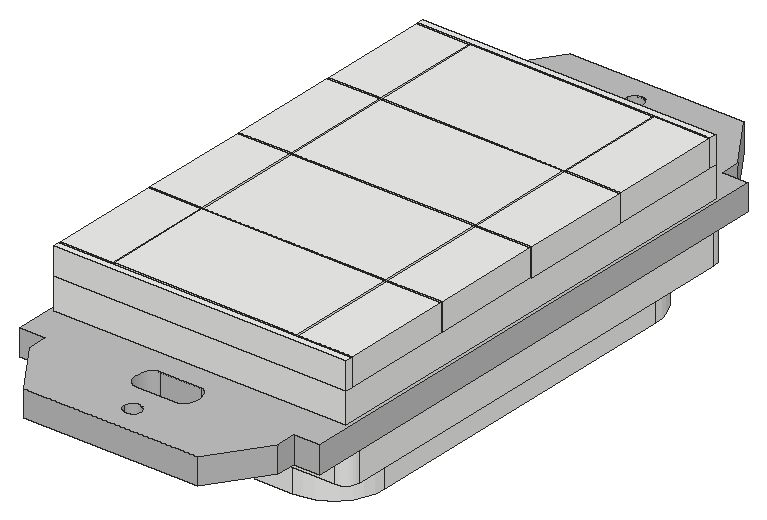
Revit family "Electronics_Control-Pads_Biamp_Impera_Echo-8-Button____", category Communication Devices, host Face, Revit 2020
Family settings
  Host = Face
  Maintain Annotation Orientation = No
  Round Connector Dimension = Use Diameter
  Part Type = Normal
  OmniClass Number = 23.85.10.17.11
  OmniClass Title = Audio-Visual System Components
  Cut with Voids When Loaded = Yes
  Shared = No
  Room Calculation Point = No
Parameters (values of type "Echo 8USW")
  not_US = not(US)  # no
  Width = 1.80"
  Weight = 0.20 lbf  # constant formula
  Voltage = 12 V
  Void Depth = if(US, 0.56", 0.16")  # 0.56"
  US = yes
  URL = "https://www.biamp.com/"
  Temperature Range = "32 - 104° F (0 – 40° C)"  # constant formula
  Stop Bits = "1, 1.5, 2"  # constant formula
  Sense Low = "< 1 VDC"  # constant formula
  Sense High = "> 4 VDC"  # constant formula
  Product data url = "https://www.bimobject.com/biamp/product/impera-echo_control-pad"
  Product Page URL = "https://www.biamp.com/products/product-families/impera/control-pads#impera-echo"
  Product Documentation Link = "https://downloads.biamp.com/assets/docs/default-source/data-sheets/biamp_data_sheet_impera_echo_jan22.pdf"
  Power Factor = 1
  Parity = "Even, Odd, None"  # constant formula
  Output Type = "Open drain"  # constant formula
  Number of Ports RS-232 / IR = "1 (bidirectional), 1 (undirectional)"  # constant formula
  Number of Poles = 1
  Number of Devices Supported Expansion Bus = "2"  # constant formula
  Model = "Impera Echo"  # constant formula
  Max Voltage = "24 VDC"  # constant formula
  Max Power Consumption = 5 W
  Max Current = "0.5 A"  # constant formula
  Manufacturer = "Biamp"  # constant formula
  LED Indicators = "Multi-color"  # constant formula
  KeyPad Height = if(US, 2.76", Height)  # 2.76"
  IR Frequency Range = "381 Hz to 500 kHz"  # constant formula
  I/O Quantity = "3"  # constant formula
  Humidity = "10-90% relative humidity (non-condensing)"  # constant formula
  Housing Material = Biamp - Plastic - White
  Height = 4.10"
  Description = "Impera™ Echo 8-Button Control Pad"  # constant formula
  Depth = 0.90"
  Default Elevation = 48.00"
  Data Bits = "7, 8"  # constant formula
  Connector Description = "12V DC 5W"  # constant formula
  Compliance = "CE Marked (Europe), RoHS Directive (Europe)"  # constant formula
  Button Type = "Mechanical"  # constant formula
  Button Quantity = "8"  # constant formula
  Baud Rate = "1200 – 115200 bit/sec"  # constant formula
  Assembly Code = ""
  Apparent Load = Max Power Consumption / Power Factor  # 5 VA
  Altitude = "0-6,600 ft (0-2000m) MSL"  # constant formula
Types (5): name | not_US | Width | Void Depth | US | KeyPad Height | Housing Material | Height | Depth
  Echo 8USW | no | 1.80" | 0.56" | yes | 2.76" | Biamp - Plastic - White | 4.10" | 0.90"
  Echo 8DKB | yes | 2.80" | 0.16" | no | 1.80" | Biamp - Plastic - Black | 1.80" | 0.70"
  Echo 8DKW | yes | 2.80" | 0.16" | no | 1.80" | Biamp - Plastic - White | 1.80" | 0.70"
  Echo 8EUW | yes | 2.20" | 0.16" | no | 2.20" | Biamp - Plastic - White | 2.20" | 0.70"
  Echo 8EUB | yes | 2.20" | 0.16" | no | 2.20" | Biamp - Plastic - Black | 2.20" | 0.70"
Reference planes (in)
  plane 1 "Center (Front/Back)": y = 0
  plane 2 "Bottom": z = 0
  plane 3 "Center (Left/Right)": x = 0
  plane 4: x = 0.9
  plane 5: x = -0.9
  plane 6 "Back": y = 2.05
  plane 7 "Front": y = -2.05
  plane 8 "Top": z = 0.50615
  plane 9: z = 0.003
  plane 10: z = 0.34411
  plane 11 "1": z = -0.19385
  plane 12: z = 0.16048
  plane 13: y = 1.38
  plane 14: y = -1.38
  plane 15: z = -0.39952
Forms (in)
  Extrusion 1, solid, material "Biamp - Metal - Gray", visible <- "US"
    sketch origin (0, 0, 0) x (1, 0, 0) y (0, 1, 0)
      loop
        line (-0.52182, 2.05) -> (-0.7477, 1.72742) -> (-0.7477, 1.60847) -> (-0.9, 1.60847) -> (-0.9, -1.60847) -> (-0.7477, -1.60847) -> (-0.7477, -1.72742) -> (-0.52182, -2.05) -> (0.52182, -2.05) -> (0.7477, -1.72742) -> (0.7477, -1.60847) -> (0.9, -1.60847) -> (0.9, 1.60847) -> (0.7477, 1.60847) -> (0.7477, 1.72742) -> (0.52182, 2.05) -> (-0.52182, 2.05)
      loop
        spline (-0.12276, -1.52644) -> (-0.13926, -1.52963) -> (-0.15464, -1.53898) -> (-0.16785, -1.55385) -> (-0.17799, -1.57322) -> (-0.18436, -1.59579) -> (-0.18653, -1.62) -> (-0.18436, -1.64421) -> (-0.17799, -1.66678) -> (-0.16785, -1.68615) -> (-0.15464, -1.70102) -> (-0.13926, -1.71037) -> (-0.12276, -1.71355)
        line (-0.12276, -1.71355) -> (0.12276, -1.71355)
        spline (0.12276, -1.71355) -> (0.13926, -1.71037) -> (0.15464, -1.70102) -> (0.16785, -1.68615) -> (0.17799, -1.66678) -> (0.18436, -1.64421) -> (0.18653, -1.62) -> (0.18436, -1.59579) -> (0.17799, -1.57322) -> (0.16785, -1.55385) -> (0.15464, -1.53898) -> (0.13926, -1.52963) -> (0.12276, -1.52644)
        line (0.12276, -1.52644) -> (-0.12276, -1.52644)
      loop
        circle (0, -1.88618) r 0.05186
      loop
        line (-0.12276, 1.52644) -> (0.12276, 1.52644)
        spline (0.12276, 1.52644) -> (0.13926, 1.52963) -> (0.15464, 1.53898) -> (0.16785, 1.55385) -> (0.17799, 1.57322) -> (0.18436, 1.59579) -> (0.18653, 1.62) -> (0.18436, 1.64421) -> (0.17799, 1.66678) -> (0.16785, 1.68615) -> (0.15464, 1.70102) -> (0.13926, 1.71037) -> (0.12276, 1.71355)
        line (0.12276, 1.71355) -> (-0.12276, 1.71355)
        spline (-0.12276, 1.71355) -> (-0.13926, 1.71037) -> (-0.15464, 1.70102) -> (-0.16785, 1.68615) -> (-0.17799, 1.66678) -> (-0.18436, 1.64421) -> (-0.18653, 1.62) -> (-0.18436, 1.59579) -> (-0.17799, 1.57322) -> (-0.16785, 1.55385) -> (-0.15464, 1.53898) -> (-0.13926, 1.52963) -> (-0.12276, 1.52644)
      loop
        circle (0, 1.88618) r 0.05186
    from 0.003 to 0.16048
  Extrusion 2, solid, material "Biamp - Plastic - White" <- "Housing Material", visible <- "US"
    sketch origin (0, 0, 0) x (1, 0, 0) y (0, 1, 0)
      loop
        line (-0.79701, -1.36247) -> (0.7951, -1.36247)
        arc (0.7951, -1.36247) -> (0.85356, -1.33825) -> (0.87778, -1.27979) r 0.08268
        line (0.87778, -1.27979) -> (0.87778, 1.3835)
        arc (0.87778, 1.3835) -> (0.85356, 1.44196) -> (0.7951, 1.46617) r 0.08268
        line (0.7951, 1.46617) -> (-0.7966, 1.46617)
        arc (-0.7966, 1.46617) -> (-0.85535, 1.44184) -> (-0.87969, 1.38309) r 0.08309
        line (-0.87969, 1.38309) -> (-0.87969, -1.27979)
        arc (-0.87969, -1.27979) -> (-0.85547, -1.33825) -> (-0.79701, -1.36247) r 0.08268
    from -0.19385 to 0.003
  Extrusion 3, solid, material "Biamp - Plastic - White" <- "Housing Material", visible <- "US", detail levels medium+fine
    sketch origin (0, 0, -0.19385) x (-1, 0, 0) y (0, -1, 0)
      loop
        arc (0.47093, -1.36643) -> (0.6878, -1.2766) -> (0.77763, -1.05973) r 0.3067
        line (0.77763, -1.05973) -> (0.77763, 0.97298)
        arc (0.77763, 0.97298) -> (0.68789, 1.18964) -> (0.47123, 1.27938) r 0.3064
        line (0.47123, 1.27938) -> (0.28374, 1.27938) -> (0.28374, 1.21541) -> (0.18911, 1.21541) -> (0.18911, 1.27977) -> (0.05711, 1.27977) -> (0.05711, 1.2158) -> (-0.01923, 1.2158) -> (-0.01923, 1.27977) -> (-0.15457, 1.27977) -> (-0.15457, 1.2158) -> (-0.24808, 1.2158) -> (-0.24808, 1.27977) -> (-0.47833, 1.27977)
        arc (-0.47833, 1.27977) -> (-0.69453, 1.19021) -> (-0.78409, 0.974) r 0.30576
        line (-0.78409, 0.974) -> (-0.78409, -1.05973)
        arc (-0.78409, -1.05973) -> (-0.69415, -1.27688) -> (-0.477, -1.36682) r 0.30709
        line (-0.477, -1.36682) -> (-0.28811, -1.36682) -> (-0.28811, -1.30856) -> (-0.19508, -1.30856) -> (-0.19508, -1.36643) -> (-0.06108, -1.36643) -> (-0.06108, -1.30817) -> (0.01923, -1.30817) -> (0.01923, -1.36643) -> (0.15263, -1.36643) -> (0.15263, -1.30817) -> (0.23963, -1.30817) -> (0.23963, -1.36643) -> (0.47093, -1.36643)
      loop
        line (0.59775, -1.0042) -> (0.34604, -1.0042) -> (0.34604, -1.14803) -> (0.59775, -1.14803) -> (0.59775, -1.0042)
      loop
        line (0.59775, -0.98093) -> (0.59775, -0.82652) -> (0.34604, -0.82652) -> (0.34604, -0.98093) -> (0.59775, -0.98093)
      loop
        line (0.59775, -0.79384) -> (0.59775, -0.63251) -> (0.34604, -0.63251) -> (0.34604, -0.79384) -> (0.59775, -0.79384)
      loop
        line (0.59775, -0.61443) -> (0.59775, -0.47118) -> (0.34604, -0.47118) -> (0.34604, -0.61443) -> (0.59775, -0.61443)
      loop
        line (0.59775, -0.44476) -> (0.59775, -0.29177) -> (0.34604, -0.29177) -> (0.34604, -0.44476) -> (0.59775, -0.44476)
      loop
        line (0.59775, -0.26173) -> (0.59775, -0.10925) -> (0.34604, -0.10925) -> (0.34604, -0.26173) -> (0.59775, -0.26173)
      loop
        line (0.59775, -0.08796) -> (0.59775, 0.06749) -> (0.34604, 0.06749) -> (0.34604, -0.08796) -> (0.59775, -0.08796)
      loop
        line (-0.35889, -1.14803) -> (-0.35889, -1.0042) -> (-0.61271, -1.0042) -> (-0.61271, -1.14803) -> (-0.35889, -1.14803)
      loop
        line (-0.35889, -0.98093) -> (-0.35889, -0.82652) -> (-0.61271, -0.82652) -> (-0.61271, -0.98093) -> (-0.35889, -0.98093)
      loop
        line (-0.35889, -0.79384) -> (-0.35889, -0.66927) -> (-0.61271, -0.66927) -> (-0.61271, -0.79384) -> (-0.35889, -0.79384)
      loop
        line (-0.35889, -0.63251) -> (-0.35889, -0.49794) -> (-0.61271, -0.49794) -> (-0.61271, -0.63251) -> (-0.35889, -0.63251)
      loop
        line (-0.35889, -0.47118) -> (-0.35889, -0.30969) -> (-0.61271, -0.30969) -> (-0.61271, -0.47118) -> (-0.35889, -0.47118)
      loop
        line (-0.35889, -0.26173) -> (-0.35889, -0.14048) -> (-0.61271, -0.14048) -> (-0.61271, -0.26173) -> (-0.35889, -0.26173)
      loop
        line (-0.35889, -0.12721) -> (-0.35889, 0.00684) -> (-0.61271, 0.00684) -> (-0.61271, -0.12721) -> (-0.35889, -0.12721)
      loop
        line (-0.35889, 0.02065) -> (-0.35889, 0.1792) -> (-0.61271, 0.1792) -> (-0.61271, 0.02065) -> (-0.35889, 0.02065)
    from -0.2 to 0
  Extrusion 4, solid, material "Biamp - Plastic - White" <- "Housing Material", detail levels medium+fine
    sketch origin (0, 0, 0) x (1, 0, 0) y (0, 1, 0)
      loop
        line (-0.87969, 1.39427) -> (-0.87969, -1.38) -> (0.87778, -1.38) -> (0.87778, 1.39427) -> (-0.87969, 1.39427)
    from 0.16048 to 0.34411
  Extrusion 5, solid, material "Biamp - Plastic - White" <- "Housing Material", detail levels medium+fine
    sketch origin (0, 0, 0.50615) x (1, 0, 0) y (0, 1, 0)
      loop
        line (-0.87969, 1.39427) -> (-0.87969, 1.35427) -> (0.87778, 1.35427) -> (0.87778, 1.39427) -> (-0.87969, 1.39427)
      loop
        line (-0.87969, -1.38) -> (0.87778, -1.38) -> (0.87778, -1.34) -> (-0.87969, -1.34) -> (-0.87969, -1.38)
      loop
        line (0.87778, -1.32831) -> (0.87778, -0.66837) -> (0.55082, -0.66837) -> (0.55082, -1.32831) -> (0.87778, -1.32831)
      loop
        line (0.87778, 1.34427) -> (0.55082, 1.34427) -> (0.55082, 0.68417) -> (0.87778, 0.68417) -> (0.87778, 1.34427)
      loop
        line (-0.87969, 0.68417) -> (-0.56573, 0.68417) -> (-0.56573, 1.34427) -> (-0.87969, 1.34427) -> (-0.87969, 0.68417)
      loop
        line (0.87778, 0.67339) -> (0.55082, 0.67339) -> (0.55082, 0.01334) -> (0.87778, 0.01334) -> (0.87778, 0.67339)
      loop
        line (-0.87969, 0.01334) -> (-0.56573, 0.01334) -> (-0.56573, 0.67339) -> (-0.87969, 0.67339) -> (-0.87969, 0.01334)
      loop
        line (0.87778, 0.00251) -> (0.55082, 0.00251) -> (0.55082, -0.65749) -> (0.87778, -0.65749) -> (0.87778, 0.00251)
      loop
        line (-0.87969, -0.65749) -> (-0.56573, -0.65749) -> (-0.56573, 0.00251) -> (-0.87969, 0.00251) -> (-0.87969, -0.65749)
      loop
        line (-0.55573, -1.32831) -> (0.53942, -1.32831) -> (0.53942, -0.66837) -> (-0.55573, -0.66837) -> (-0.55573, -1.32831)
      loop
        line (0.53942, 1.34427) -> (-0.55573, 1.34427) -> (-0.55573, 0.68417) -> (0.53942, 0.68417) -> (0.53942, 1.34427)
      loop
        line (0.53942, 0.67339) -> (-0.55573, 0.67339) -> (-0.55573, 0.01334) -> (0.53942, 0.01334) -> (0.53942, 0.67339)
      loop
        line (0.53942, 0.00251) -> (-0.55573, 0.00251) -> (-0.55573, -0.65749) -> (0.53942, -0.65749) -> (0.53942, 0.00251)
      loop
        line (-0.56573, -0.66837) -> (-0.87969, -0.66837) -> (-0.87969, -1.32831) -> (-0.56573, -1.32831) -> (-0.56573, -0.66837)
    from -0.16204 to 0
  Extrusion 6, solid, material "Biamp - Plastic - White" <- "Housing Material", visible <- "US", detail levels coarse
    sketch origin (0, 0, -0.19385) x (-1, 0, 0) y (0, -1, 0)
      loop
        line (-0.78409, 0.974) -> (-0.78409, -1.05895)
        arc (-0.78409, -1.05895) -> (-0.69415, -1.27609) -> (-0.477, -1.36604) r 0.30709
        line (-0.477, -1.36604) -> (0.47054, -1.36604)
        arc (0.47054, -1.36604) -> (0.68768, -1.27609) -> (0.77763, -1.05895) r 0.30709
        line (0.77763, -1.05895) -> (0.77763, 0.97298)
        arc (0.77763, 0.97298) -> (0.68777, 1.18991) -> (0.47084, 1.27977) r 0.30679
        line (0.47084, 1.27977) -> (-0.47833, 1.27977)
        arc (-0.47833, 1.27977) -> (-0.69453, 1.19021) -> (-0.78409, 0.974) r 0.30576
    from -0.2 to 0
  Extrusion 7, solid, material "Biamp - Plastic - White" <- "Housing Material", detail levels coarse
    sketch origin (0, 0, 0.50615) x (1, 0, 0) y (0, 1, 0)
      loop
        line (-0.87969, -1.38) -> (0.87778, -1.38) -> (0.87778, 1.38) -> (-0.87969, 1.38) -> (-0.87969, -1.38)
    from -0.34567 to 0
  Extrusion 8, void
    sketch origin (0, 0, 0) x (1, 0, 0) y (0, 1, 0)
      loop
        line (-0.79701, -1.36247) -> (0.7951, -1.36247)
        arc (0.7951, -1.36247) -> (0.85356, -1.33825) -> (0.87778, -1.2798) r 0.08268
        line (0.87778, -1.2798) -> (0.87778, 1.3835)
        arc (0.87778, 1.3835) -> (0.85356, 1.44196) -> (0.7951, 1.46617) r 0.08268
        line (0.7951, 1.46617) -> (-0.7966, 1.46617)
        arc (-0.7966, 1.46617) -> (-0.85535, 1.44184) -> (-0.87969, 1.38309) r 0.08309
        line (-0.87969, 1.38309) -> (-0.87969, -1.27979)
        arc (-0.87969, -1.27979) -> (-0.85547, -1.33825) -> (-0.79701, -1.36247) r 0.08268
    from 0.16048 to -0.39952
  Extrusion 9, solid, material "Biamp - Plastic - White" <- "Housing Material", visible <- "not_US"
    sketch origin (0, 0, 0.50615) x (1, 0, 0) y (0, 1, 0)
      loop
        line (-0.77763, 1.34427) -> (-0.77763, -1.32831) -> (0.78409, -1.32831) -> (0.78409, 1.34427) -> (-0.77763, 1.34427)
    from -0.50315 to -0.34567
Lines and regions (in)
  Masking region 1
    outline origin (0, -2.05, 0) x (-1, 0, 0) y (0, 0, 1)
      loop
        line (0.87969, 0.50615) -> (-0.87778, 0.50615) -> (-0.87778, 0.16048) -> (-0.7477, 0.16048) -> (-0.7477, 0.003) -> (0.7477, 0.003) -> (0.7477, 0.16048) -> (0.87969, 0.16048) -> (0.87969, 0.50615)
  Masking region 2, visible <- "US"
    outline origin (0, -2.05, 0) x (-1, 0, 0) y (0, 0, 1)
      loop
        line (0.9, 0.16048) -> (-0.9, 0.16048) -> (-0.9, 0.003) -> (0.9, 0.003) -> (0.9, 0.16048)
  symbolic lines
    curve 1: line (-0.87969, -2.05, 0.34411) -> (0.87778, -2.05, 0.34411)
    curve 2: line (-0.7477, -2.05, 0.16048) -> (-0.7477, -2.05, 0.003)
    curve 3: line (-0.52222, -2.05, 0.003) -> (-0.52222, -2.05, 0.16048)
    curve 4: line (0.52182, -2.05, 0.16048) -> (0.52182, -2.05, 0.003)
    curve 5: line (0.7477, -2.05, 0.16048) -> (0.7477, -2.05, 0.003)
    curve 6: line (-0.87969, -2.05, 0.16048) -> (0.87778, -2.05, 0.16048)
Dimensions and locks (in)
  equal spacing: plane 5, plane 3 "Center (Left/Right)", plane 4
  "Width": plane 5 to plane 4
  equal spacing: plane 6 "Back", plane 1 "Center (Front/Back)", plane 7 "Front"
  equal spacing: plane 13, plane 1 "Center (Front/Back)", plane 14
  "KeyPad Height": plane 13 to plane 14
  equal spacing: Extrusion 5 sketch curve, Extrusion 5 sketch curve, Extrusion 5 sketch curve, Extrusion 5 sketch curve  (x2)
  locked: Extrusion 5 sketch curve to plane 14 at 0.04
  locked: Extrusion 5 sketch curve to Extrusion 5 sketch curve at 0.01169
  locked: plane 13 to Extrusion 5 sketch curve at 0.03573
  Extrusion 5 sketch curve to plane 3 "Center (Left/Right)" to Extrusion 5 sketch curve = 0.55573" locked, 0.53942" locked
  locked: Extrusion 5 sketch curve to Extrusion 5 sketch curve at 0.04
  Extrusion 5 sketch curve to Extrusion 5 sketch curve = 0.01"
  locked: Extrusion 5 sketch curve to Extrusion 5 sketch curve at 0.0114
  locked: plane 5 to Extrusion 9 sketch curve at 0.12237
  locked: Extrusion 9 sketch curve to plane 4 at 0.11591
  "Void Depth": plane 12 to plane 15
  aligned and locked: plane 2 "Bottom" to host face
  aligned and locked: level to host face
  aligned and locked: Extrusion 1 to plane 9
  aligned and locked: plane 12 to Extrusion 1
  aligned and locked: plane 9 to Extrusion 2
  aligned and locked: Extrusion 2 to plane 11 "1"
  aligned and locked: plane 11 "1" to Extrusion 3
  aligned and locked: Extrusion 4 to plane 12
  aligned and locked: plane 10 to Extrusion 4
  aligned and locked: Extrusion 5 to plane 10
  aligned and locked: plane 8 "Top" to Extrusion 5
  aligned and locked: plane 6 "Back" to Extrusion 1
  aligned and locked: Extrusion 1 to Extrusion 1  (x4)
  aligned and locked: plane 4 to Extrusion 1
  aligned and locked: Extrusion 1 to plane 5
  aligned and locked: Extrusion 1 to plane 7 "Front"
  aligned and locked: plane 11 "1" to Extrusion 6
  aligned and locked: Extrusion 7 to plane 12
  aligned and locked: plane 8 "Top" to Extrusion 7
  aligned and locked: Extrusion 9 to plane 9
  aligned and locked: plane 12 to Extrusion 9
  aligned and locked: plane 13 to Extrusion 7 sketch curve
  aligned and locked: Extrusion 5 sketch curve to Extrusion 5 sketch curve  (x28)
  aligned and locked: plane 14 to Extrusion 5 sketch curve
  aligned and locked: Extrusion 7 sketch curve to plane 14
  aligned and locked: Extrusion 4 to Extrusion 5  (x2)
  aligned and locked: Extrusion 9 to Extrusion 5
  aligned and locked: plane 12 to Extrusion 8
  aligned and locked: Extrusion 8 to plane 15
Automatic sketch dimensions
  host sketch curve to host sketch curve = 96.00"  (x2)
  Extrusion 1 sketch curve to plane 5 = 0.00"
  Extrusion 1 sketch curve to plane 7 "Front" = 0.00"
  Extrusion 1 sketch curve to plane 6 "Back" = 0.00"
  Extrusion 1 sketch curve to plane 3 "Center (Left/Right)" = 0.00"  (x2)
  Extrusion 1 sketch curve to plane 4 = 0.00"
  Extrusion 1 sketch curve to Extrusion 1 sketch curve = 0.1523"  (x2)
  plane 5 to Extrusion 1 sketch curve = 0.37818"  (x2)
  Extrusion 1 sketch curve to plane 3 "Center (Left/Right)" = 0.12276"  (x2)
  plane 3 "Center (Left/Right)" to Extrusion 1 sketch curve = 0.12276"  (x2)
  Extrusion 1 sketch curve to plane 4 = 0.37818"  (x2)
  Extrusion 1 sketch curve to plane 4 = 0.1523"  (x2)
  plane 7 "Front" to Extrusion 1 sketch curve = 0.16382"
  plane 7 "Front" to Extrusion 1 sketch curve = 0.32258"  (x2)
  Extrusion 1 sketch curve to Extrusion 1 sketch curve = 0.17263"
  Extrusion 1 sketch curve to Extrusion 1 sketch curve = 0.11895"  (x4)
  Extrusion 1 sketch curve to Extrusion 1 sketch curve = 0.18711"  (x2)
  Extrusion 1 sketch curve to plane 6 "Back" = 0.52356"
  Extrusion 1 sketch curve to plane 6 "Back" = 0.44153"  (x2)
  Extrusion 1 sketch curve to plane 6 "Back" = 0.16382"
  plane 5 to Extrusion 2 sketch curve = 0.02031"
  Extrusion 2 sketch curve to Extrusion 2 sketch curve = 0.08309"
  Extrusion 2 sketch curve to Extrusion 2 sketch curve = 0.08268"
  Extrusion 2 sketch curve to plane 4 = 0.1049"  (x2)
  Extrusion 2 sketch curve to plane 4 = 0.02222"
  plane 7 "Front" to Extrusion 2 sketch curve = 0.68753"
  Extrusion 2 sketch curve to plane 6 "Back" = 0.66691"
  plane 5 to Extrusion 4 sketch curve = 0.02031"
  Extrusion 4 sketch curve to plane 4 = 0.02222"
  plane 7 "Front" to Extrusion 4 sketch curve = 0.67"
  Extrusion 4 sketch curve to plane 6 "Back" = 0.65573"
  Extrusion 6 sketch curve to plane 4 = 0.11591"
  Extrusion 6 sketch curve to plane 4 = 0.42167"
  Extrusion 6 sketch curve to Extrusion 6 sketch curve = 0.30709"
  plane 5 to Extrusion 6 sketch curve = 0.42946"
  plane 5 to Extrusion 6 sketch curve = 0.42916"
  plane 5 to Extrusion 6 sketch curve = 0.12237"
  Extrusion 6 sketch curve to plane 6 "Back" = 0.68396"
  plane 1 "Center (Front/Back)" to Extrusion 6 sketch curve = 0.97298"
  Extrusion 3 sketch curve to plane 4 = 0.11591"
  Extrusion 3 sketch curve to plane 4 = 0.28729"  (x2)
  plane 1 "Center (Front/Back)" to Extrusion 3 sketch curve = 0.02065"
  Extrusion 3 sketch curve to Extrusion 3 sketch curve = 0.00"  (x24)
  Extrusion 3 sketch curve to Extrusion 3 sketch curve = 0.30576"
  Extrusion 3 sketch curve to Extrusion 3 sketch curve = 0.13571"  (x2)
  Extrusion 3 sketch curve to Extrusion 3 sketch curve = 0.25382"  (x2)
  Extrusion 3 sketch curve to Extrusion 3 sketch curve = 0.11811"
  Extrusion 3 sketch curve to Extrusion 3 sketch curve = 0.18889"
  Extrusion 3 sketch curve to Extrusion 3 sketch curve = 0.23025"
  Extrusion 3 sketch curve to Extrusion 3 sketch curve = 0.09304"
  Extrusion 3 sketch curve to Extrusion 3 sketch curve = 0.09351"
  plane 3 "Center (Left/Right)" to Extrusion 3 sketch curve = 0.06108"
  plane 3 "Center (Left/Right)" to Extrusion 3 sketch curve = 0.01923"
  Extrusion 3 sketch curve to plane 3 "Center (Left/Right)" = 0.01923"
  Extrusion 3 sketch curve to plane 3 "Center (Left/Right)" = 0.05711"
  Extrusion 3 sketch curve to Extrusion 3 sketch curve = 0.1334"
  Extrusion 3 sketch curve to Extrusion 3 sketch curve = 0.132"
  Extrusion 3 sketch curve to Extrusion 3 sketch curve = 0.087"
  Extrusion 3 sketch curve to Extrusion 3 sketch curve = 0.09463"
  Extrusion 3 sketch curve to plane 1 "Center (Front/Back)" = 0.08796"
  Extrusion 3 sketch curve to plane 3 "Center (Left/Right)" = 0.34604"
  Extrusion 3 sketch curve to Extrusion 3 sketch curve = 0.10641"
  Extrusion 3 sketch curve to Extrusion 3 sketch curve = 0.2313"
  Extrusion 3 sketch curve to Extrusion 3 sketch curve = 0.1875"
  Extrusion 3 sketch curve to Extrusion 3 sketch curve = 0.25171"
  Extrusion 3 sketch curve to Extrusion 3 sketch curve = 0.12682"
  plane 5 to Extrusion 3 sketch curve = 0.12237"
  Extrusion 3 sketch curve to Extrusion 3 sketch curve = 0.02128"
  Extrusion 3 sketch curve to plane 1 "Center (Front/Back)" = 0.12721"
  Extrusion 3 sketch curve to Extrusion 3 sketch curve = 0.01326"
  Extrusion 3 sketch curve to Extrusion 3 sketch curve = 0.15248"
  Extrusion 3 sketch curve to Extrusion 3 sketch curve = 0.12125"
  Extrusion 3 sketch curve to Extrusion 3 sketch curve = 0.03004"
  Extrusion 3 sketch curve to Extrusion 3 sketch curve = 0.04796"
  Extrusion 3 sketch curve to Extrusion 3 sketch curve = 0.15298"
  Extrusion 3 sketch curve to Extrusion 3 sketch curve = 0.16149"
  Extrusion 3 sketch curve to Extrusion 3 sketch curve = 0.02642"
  Extrusion 3 sketch curve to Extrusion 3 sketch curve = 0.02676"
  Extrusion 3 sketch curve to Extrusion 3 sketch curve = 0.14325"
  Extrusion 3 sketch curve to Extrusion 3 sketch curve = 0.13457"
  Extrusion 3 sketch curve to Extrusion 3 sketch curve = 0.01808"
  Extrusion 3 sketch curve to Extrusion 3 sketch curve = 0.03676"
  Extrusion 3 sketch curve to Extrusion 3 sketch curve = 0.12457"
  Extrusion 3 sketch curve to Extrusion 3 sketch curve = 0.16133"
  Extrusion 3 sketch curve to Extrusion 3 sketch curve = 0.03268"  (x2)
  Extrusion 3 sketch curve to Extrusion 3 sketch curve = 0.15441"  (x2)
  Extrusion 3 sketch curve to Extrusion 3 sketch curve = 0.02327"  (x2)
  Extrusion 3 sketch curve to Extrusion 3 sketch curve = 0.05553"  (x2)
  Extrusion 3 sketch curve to Extrusion 3 sketch curve = 0.14383"  (x2)
  Extrusion 3 sketch curve to Extrusion 3 sketch curve = 0.05826"  (x4)
  plane 1 "Center (Front/Back)" to Extrusion 3 sketch curve = 0.00684"
  plane 1 "Center (Front/Back)" to Extrusion 3 sketch curve = 0.06749"
  Extrusion 3 sketch curve to Extrusion 3 sketch curve = 0.15855"
  Extrusion 3 sketch curve to Extrusion 3 sketch curve = 0.90549"
  Extrusion 3 sketch curve to Extrusion 3 sketch curve = 0.7948"
  Extrusion 3 sketch curve to Extrusion 3 sketch curve = 0.06396"  (x4)
  plane 7 "Front" to Extrusion 8 sketch curve = 0.68753"
  Extrusion 8 sketch curve to plane 6 "Back" = 0.6665"
  Extrusion 8 sketch curve to Extrusion 8 sketch curve = 0.08268"  (x4)
  Extrusion 8 sketch curve to Extrusion 8 sketch curve = 0.08309"
  plane 5 to Extrusion 8 sketch curve = 0.02031"
  Extrusion 8 sketch curve to plane 4 = 0.1049"
  Masking region 2 sketch curve to plane 4 = 0.00"
  Masking region 2 sketch curve to plane 5 = 0.00"
  Masking region 2 sketch curve to plane 9 = 0.00"
  Masking region 2 sketch curve to plane 12 = 0.00"
  plane 5 to Extrusion 7 sketch curve = 0.02031"
  Extrusion 7 sketch curve to plane 4 = 0.02222"
  Masking region 1 sketch curve to plane 8 "Top" = 0.00"
  Masking region 1 sketch curve to plane 12 = 0.00"  (x2)
  Masking region 1 sketch curve to plane 9 = 0.00"
  Masking region 1 sketch curve to plane 4 = 0.02222"
  plane 5 to Masking region 1 sketch curve = 0.1523"
  plane 5 to Masking region 1 sketch curve = 0.02031"
  Masking region 1 sketch curve to Masking region 1 sketch curve = 0.13008"
  plane 5 to Extrusion 5 sketch curve = 0.02031"  (x2)
  Extrusion 5 sketch curve to Extrusion 5 sketch curve = 0.00"  (x8)
  Extrusion 5 sketch curve to plane 4 = 0.02222"  (x2)
  Extrusion 5 sketch curve to plane 1 "Center (Front/Back)" = 0.00251"
  Extrusion 5 sketch curve to Extrusion 5 sketch curve = 0.01088"
  Extrusion 5 sketch curve to Extrusion 5 sketch curve = 0.01"
  plane 14 to Extrusion 9 sketch curve = 0.05169"
  Extrusion 9 sketch curve to plane 13 = 0.03573"
  curve 1 to plane 10 = 0.00"
  curve 5 to plane 9 = 0.00"
  curve 4 to plane 9 = 0.00"
  curve 3 to plane 9 = 0.00"
  curve 3 to plane 12 = 0.00"
  curve 2 to plane 9 = 0.00"
  curve 1 to plane 4 = 0.02222"
  curve 6 to plane 4 = 0.02222"
  curve 6 to curve 5 = 0.13008"
  curve 5 to curve 4 = 0.22587"
  plane 5 to curve 3 = 0.37778"
  plane 5 to curve 2 = 0.1523"
  plane 5 to curve 1 = 0.02031"
  plane 5 to curve 6 = 0.02031"
  radius of Extrusion 1 sketch curve = 0.05186"  (x2)
Connectors (in)
  electrical at (-0.4719, 0.90373, -0.19385), driven by "Number of Poles", driven by "Voltage", driven by "Apparent Load", driven by "Power Factor", driven by "Connector Description"
    settings: on Extrusion 3, index 1, voltage 12 V, apparent load 5 VA, apparent load phase1 0 VA, apparent load phase2 0 VA, apparent load phase3 0 VA, power factor 1, load classification "Other", number of poles 1, system type 30, power factor state 1, is connector primary yes, connector utility no, sub classification motor no, connector description "12V DC 5W"
  electrical at (-0.4719, 1.07612, -0.19385)
    settings: on Extrusion 3, index 2, voltage 0 V, apparent load 0 VA, apparent load phase1 0 VA, apparent load phase2 0 VA, apparent load phase3 0 VA, power factor 1, load classification "Other", number of poles 1, system type 5, power factor state 1, is connector primary no, connector utility no, sub classification motor no, connector description "Power input; Ground"
  electrical at (-0.4719, 0.71318, -0.19385)
    settings: on Extrusion 3, index 3, voltage 0 V, apparent load 0 VA, apparent load phase1 0 VA, apparent load phase2 0 VA, apparent load phase3 0 VA, power factor 1, load classification "Other", number of poles 1, system type 5, power factor state 1, is connector primary no, connector utility no, sub classification motor no, connector description "RS-232 port, Bi-directional; RX-1"
  electrical at (-0.4719, 0.54281, -0.19385)
    settings: on Extrusion 3, index 4, voltage 0 V, apparent load 0 VA, apparent load phase1 0 VA, apparent load phase2 0 VA, apparent load phase3 0 VA, power factor 1, load classification "Other", number of poles 1, system type 5, power factor state 1, is connector primary no, connector utility no, sub classification motor no, connector description "RS-232 port, Bi-directional; TX-1"
  electrical at (-0.4719, 0.36827, -0.19385)
    settings: on Extrusion 3, index 5, voltage 0 V, apparent load 0 VA, apparent load phase1 0 VA, apparent load phase2 0 VA, apparent load phase3 0 VA, power factor 1, load classification "Other", number of poles 1, system type 5, power factor state 1, is connector primary no, connector utility no, sub classification motor no, connector description "RS-232 port, Bi-directional; Ground"
  electrical at (-0.4719, 0.18549, -0.19385)
    settings: on Extrusion 3, index 6, voltage 0 V, apparent load 0 VA, apparent load phase1 0 VA, apparent load phase2 0 VA, apparent load phase3 0 VA, power factor 1, load classification "Other", number of poles 1, system type 5, power factor state 1, is connector primary no, connector utility no, sub classification motor no, connector description "RS-232 or IR port, Uni-directional; Ground"
  electrical at (-0.4719, 0.01024, -0.19385)
    settings: on Extrusion 3, index 7, voltage 0 V, apparent load 0 VA, apparent load phase1 0 VA, apparent load phase2 0 VA, apparent load phase3 0 VA, power factor 1, load classification "Other", number of poles 1, system type 5, power factor state 1, is connector primary no, connector utility no, sub classification motor no, connector description "RS-232 or IR port, Uni-directional; RX-1"
  electrical at (0.4858, -0.09993, -0.19385)
    settings: on Extrusion 3, index 8, voltage 0 V, apparent load 0 VA, apparent load phase1 0 VA, apparent load phase2 0 VA, apparent load phase3 0 VA, power factor 1, load classification "Other", number of poles 1, system type 5, power factor state 1, is connector primary no, connector utility no, sub classification motor no, connector description "Input/Output connector\r; Ground"
  electrical at (0.4858, 0.06019, -0.19385)
    settings: on Extrusion 3, index 9, voltage 0 V, apparent load 0 VA, apparent load phase1 0 VA, apparent load phase2 0 VA, apparent load phase3 0 VA, power factor 1, load classification "Other", number of poles 1, system type 5, power factor state 1, is connector primary no, connector utility no, sub classification motor no, connector description "Input/Output connector\r; I/O 1"
  electrical at (0.4858, 0.2011, -0.19385)
    settings: on Extrusion 3, index 10, voltage 0 V, apparent load 0 VA, apparent load phase1 0 VA, apparent load phase2 0 VA, apparent load phase3 0 VA, power factor 1, load classification "Other", number of poles 1, system type 5, power factor state 1, is connector primary no, connector utility no, sub classification motor no, connector description "Input/Output connector\r; I/O 2"
  electrical at (0.4858, 0.39044, -0.19385)
    settings: on Extrusion 3, index 11, voltage 0 V, apparent load 0 VA, apparent load phase1 0 VA, apparent load phase2 0 VA, apparent load phase3 0 VA, power factor 1, load classification "Other", number of poles 1, system type 5, power factor state 1, is connector primary no, connector utility no, sub classification motor no, connector description "Input/Output connector\r; I/O 3"
  electrical at (0.4858, 0.56523, -0.19385)
    settings: on Extrusion 3, index 12, voltage 0 V, apparent load 0 VA, apparent load phase1 0 VA, apparent load phase2 0 VA, apparent load phase3 0 VA, power factor 1, load classification "Other", number of poles 1, system type 5, power factor state 1, is connector primary no, connector utility no, sub classification motor no, connector description "NEB bus port; PWR"
  electrical at (0.4858, 0.73156, -0.19385)
    settings: on Extrusion 3, index 13, voltage 0 V, apparent load 0 VA, apparent load phase1 0 VA, apparent load phase2 0 VA, apparent load phase3 0 VA, power factor 1, load classification "Other", number of poles 1, system type 5, power factor state 1, is connector primary no, connector utility no, sub classification motor no, connector description "NEB bus port; NBA"
  electrical at (0.4858, 0.90373, -0.19385)
    settings: on Extrusion 3, index 14, voltage 0 V, apparent load 0 VA, apparent load phase1 0 VA, apparent load phase2 0 VA, apparent load phase3 0 VA, power factor 1, load classification "Other", number of poles 1, system type 5, power factor state 1, is connector primary no, connector utility no, sub classification motor no, connector description "NEB bus port; NCL"
  electrical at (0.4858, 1.07612, -0.19385)
    settings: on Extrusion 3, index 15, voltage 0 V, apparent load 0 VA, apparent load phase1 0 VA, apparent load phase2 0 VA, apparent load phase3 0 VA, power factor 1, load classification "Other", number of poles 1, system type 5, power factor state 1, is connector primary no, connector utility no, sub classification motor no, connector description "NEB bus port; Ground"
